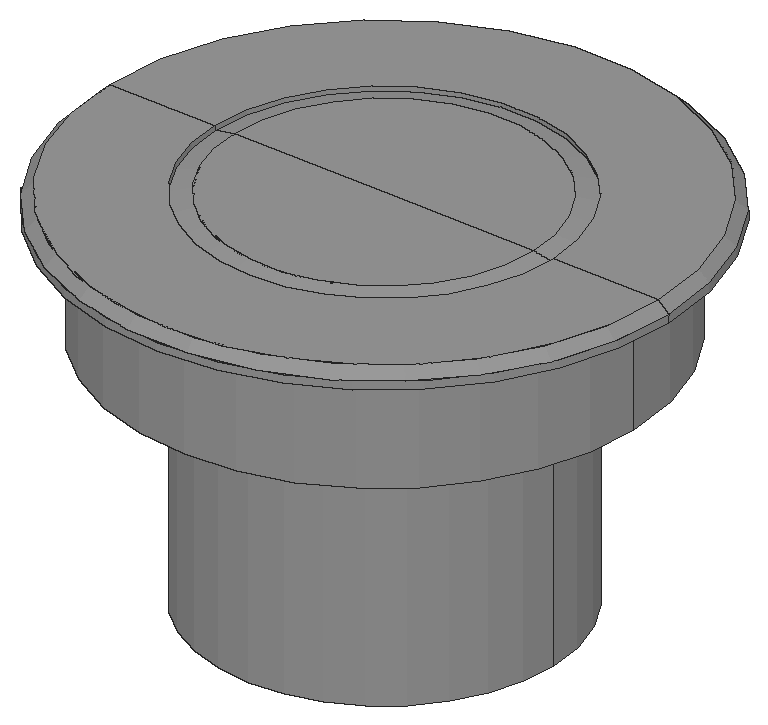
Revit family "4069947 Sylvania Lighting Fixture PATHE CEILING ROUND3 WIDE 119LM LED 4K", category Lighting Fixtures, host Face, Revit 2016
Family settings
  Host = Face
  Part Type = Normal
  Round Connector Dimension = Use Diameter
  OmniClass Number = 23.80.70.00
  OmniClass Title = Lighting
  Cut with Voids When Loaded = No
  Light Source = Yes
  Shared = No
  Room Calculation Point = No
Parameters (values of type "4069947 PATHE/C/R3 WIDE 119LM LED 4K")
  Weight = "1.0 kg"
  Wattage Comments = ""
  Wattage = 4.4 W
  WarrantyStartDate [instance] = "n/a"
  WarrantyGuarantorParts = "n/a"
  WarrantyDurationUnit = "n/a"
  WarrantyDurationParts = "n/a"
  WarrantyDescription = "n/a"
  built-in parameter 1150110 = 1 (stored number, unit not read)
  Voltage = 0 V
  URL = "http://www.sylvania-lighting.com"
  TypeName = "PATHE/CEILING/ROUND3 WIDE 119LM LED 4K"
  Type Image = <None>
  Type Comments = "n/a"
  built-in parameter 1114217 = 1 (stored number, unit not read)
  Tilt Angle = -90.00°
  built-in parameter 1150109 = 1 (stored number, unit not read)
  built-in parameter 1150134 = 12
  built-in parameter 1150113 = 1 (stored number, unit not read)
  SerialNumber [instance] = "n/a"
  Radius_SYL = 74 mm
  RadiusDiffuser_SYL = 44 mm
  Photometric Web File = "4069947.ies"
  Material_5_SYL = Steel AISI 1006 85 HR
  Material_3_SYL = Inside_Sylvania_Pathe_Black
  PowerFactor = 0
  PowerConsumption = "4.4 W"
  NominalLength = 148 mm
  NominalHeight = 110 mm
  NominalDepth = 0 mm
  Name = "PATHE/CEILING/ROUND3 WIDE 119LM LED 4K"
  ModelReference = Name  # "PATHE/CEILING/ROUND3 WIDE 119LM LED 4K"
  ModelNumber = "4069947"
  Model = Name  # "PATHE/CEILING/ROUND3 WIDE 119LM LED 4K"
  Material = "corrosion resistant die-cast aluminium body. aluminium fixing bracket. housing, tempered safety glass diffuser"
  ManufacturerName = "Feilo Sylvania"
  Manufacturer = "Feilo Sylvania"
  LuminousEfficacy = "27.04 lm/W"
  built-in parameter 1150105 = 9.4697 (stored number, unit not read)
  Lumens = 119 lm
  LuminaireType = ""
  built-in parameter 1150115 = 1 (stored number, unit not read)
  LightOutputRatio = "100"
  built-in parameter 1150137 = (empty or 0)
  built-in parameter 1150139 = (empty or 0)
  LampsType = Lamp  # "LED"
  LampNominalLuminous = "119 lm"
  LampMacAdamStep = "n/a"
  LampColourTemperature = "4000 K"
  LampColourRenderingIndex = "80"
  built-in parameter 1150112 = 1 (stored number, unit not read)
  built-in parameter 1150114 = 1 (stored number, unit not read)
  Lamp = "LED"
  Keynote = "16500"
  InstallationDate [instance] = "n/a"
  InputVoltage = "n/a"
  InputNominalFrequency = "n/a"
  built-in parameter 1150132 = (empty or 0)
  built-in parameter 1150102 = (empty or 0)
  built-in parameter 1150107 = 4000 (stored number, unit not read)
  built-in parameter 1150138 = (empty or 0)
  IngressProtection = "IP66"
  ImpactProtectionIndex = "IK10"
  built-in parameter 1150106 = 0.094697 (stored number, unit not read)
  IfcExportType = "IfcLightFixtureType"
  IfcExportAs = "IfcLightFixtureType"
  HieghtTop_SYL = 3 mm
  ExpectedLife = 50000
  Emit from Circle Diameter = RadiusDiffuser_SYL * 2  # 88 mm
  Emit Shape Visible in Rendering = no
  ElectricShockClassification = "Class I"
  built-in parameter 1150104 = 2.5126 (stored number, unit not read)
  DurationUnit = "hours"
  DocumentationLiterature = "http://www.sylvania-lighting.com/product/en-int/products/4069947"
  DimmingControlOptions = "n/a"
  Material_2_SYL = LED-Sylvania
  Dimming Lamp Color Temperature Shift = <None>
  Description = "Round recessed ceiling mounted luminaireCorrosion resistant anodized aluminium, 119lm, 4,4W, 27lm/W, 4000K, CRI80+, non dimmable, IP66, IK10, (ØxD) 135x92mm, 3 step MacAdam ellipse, 1.2kg, Class I, 220-240V, A++ A+ A"
  Default Elevation = 1219.2 mm
  CreatedOn = "9/21/2018"
  CreatedBy = "@sylvania-lighting.com"
  Cost = 0
  Color Filter = 16777215
  built-in parameter 1114216 [instance] = (empty or 0)
  ClassificationValue = "EF_70_80"
  ClassificationName = "Uniclass2015"
  Material_1_SYL = Aluminum 6061 T6 80 Hot Formed
  ChamferTop_SYL = 2.5 mm
  ChamferDiffuserTop_SYL = 5 mm
  ChamferDiffuserSide_SYL = 1 mm
  BarCode [instance] = "n/a"
  built-in parameter 1114218 = 1 (stored number, unit not read)
  built-in parameter 1150133 = 10 (stored number, unit not read)
  AssetType = "Fixed"
  AssetIdentifier [instance] = "n/a"
  Assembly Code = "D5020200"
  Apparent Load = 4.4 VA
  Material_4_SYL = Polycarbonate, Clear
Reference planes
  plane 1 "Center (Front/Back)": y = 0
  plane 2: z = 0
  plane 3 "Center (Left/Right)": x = 0
  plane 4: x = -74
  plane 5: x = -44
  plane 6: z = 3
  plane 7: x = -71.5
  plane 8: x = -39
  plane 9: z = 2
  plane 10: z = 0.5
  plane 11: x = -55.75
  plane 12: x = -25
  plane 13: z = -12
  plane 14: x = -27.5
  plane 15: z = -11
  plane 16: x = -24
  plane 17: z = -15
  plane 18: x = -69
  plane 19: z = -1.5
  plane 20: x = -67.5
  plane 21: z = -92
  plane 22: z = -29.5
  plane 23: x = -65
  plane 24: x = -45
Forms (mm)
  Revolve 1, solid, material "Aluminum 6061 T6 80 Hot Formed" <- "Material_1_SYL"
    sketch origin (0, 0, 0) x (1, 0, 0) y (0, 0, 1)
      loop
        line (-71.5, 3) -> (-74, 0.5) -> (-74, -1.5) -> (-65, -1.5) -> (-65, -29.5) -> (-44, -29.5) -> (-44, -92) -> (0, -92) -> (0, -12) -> (-25, -12) -> (-27.5, -15) -> (-55.75, -15) -> (-55.75, 0) -> (-44, 0) -> (-44, 3) -> (-71.5, 3)
      axis (0, 3) -> (0, -92)
    angle from 360 to 0
  Revolve 2, solid, material "Polycarbonate, Clear" <- "Material_4_SYL"
    sketch origin (0, 0, 0) x (1, 0, 0) y (0, 0, 1)
      loop
        line (-44, 2) -> (-44, 0) -> (0, 0) -> (0, 3) -> (-39, 3) -> (-44, 2)
      axis (0, 3) -> (0, 0)
    angle from 360 to 0
  Revolve 3, void
    sketch origin (0, 0, 0) x (1, 0, 0) y (0, 0, 1)
      loop
        line (0, -29.5) -> (0, 0) -> (-67.5, 0) -> (-67.5, -29.5) -> (0, -29.5)
      axis (0, 0) -> (0, -29.5)
    angle from 360 to 0
  Revolve 4, solid, material "LED-Sylvania" <- "Material_2_SYL"
    sketch origin (0, 0, 0) x (1, 0, 0) y (0, 0, 1)
      loop
        line (-25, -12) -> (0, -12) -> (0, -11) -> (-24, -11) -> (-25, -12)
      axis (0, -11) -> (0, -12)
    angle from 360 to 0
Cuts and joins
  Revolve 3 cuts Revolve 2
Lines and regions (mm)
  reference lines
    curve 1: line (0, 0, -12) -> (0, -11.75, -12)
Dimensions and locks
  "Radius_SYL": plane 3 "Center (Left/Right)" to plane 4
  "RadiusDiffuser_SYL": plane 3 "Center (Left/Right)" to plane 5
  "ChamferTop_SYL": plane 7 to plane 4
  "ChamferDiffuserSide_SYL": plane 6 to plane 9
  "ChamferDiffuserTop_SYL": plane 8 to plane 5
  "ChamferTop_SYL": plane 6 to plane 10
  "HieghtTop_SYL": plane 6 to plane 2
  locked: plane 11 to plane 4 at 18.25
  locked: plane 3 "Center (Left/Right)" to plane 12 at 25
  locked: plane 14 to plane 12 at 2.5
  locked: plane 12 to plane 16 at 1
  locked: plane 15 to plane 13 at 1
  locked: host face to plane 17 at 15
  locked: plane 13 to plane 17 at 3
  locked: plane 3 "Center (Left/Right)" to plane 18 at 69
  plane 2 to plane 19 = 1.5 mm
  locked: plane 3 "Center (Left/Right)" to plane 20 at 67.5
  locked: plane 2 to plane 21 at 92
  locked: plane 2 to plane 22 at 29.5
  locked: plane 3 "Center (Left/Right)" to plane 23 at 65
  locked: plane 3 "Center (Left/Right)" to plane 24 at 45
  aligned and locked: plane 2 to host face
  aligned and locked: level to host face
  aligned and locked: plane 6 to Revolve 1 sketch curve
  aligned and locked: Revolve 1 sketch curve to plane 3 "Center (Left/Right)"
  aligned and locked: level to Revolve 1 sketch curve
  aligned and locked: plane 5 to Revolve 1 sketch curve
  aligned and locked: plane 6 to Revolve 2 sketch curve
  aligned and locked: Revolve 2 sketch curve to plane 3 "Center (Left/Right)"  (x2)
  aligned and locked: Revolve 1 to Revolve 2 sketch curve
  aligned and locked: plane 8 to Revolve 2 sketch curve
  aligned and locked: plane 5 to Revolve 2 sketch curve
  aligned and locked: plane 9 to Revolve 2 sketch curve
  aligned and locked: imposter light to plane 6
  aligned and locked: imposter light to plane 1 "Center (Front/Back)"
  aligned and locked: plane 3 "Center (Left/Right)" to imposter light
  aligned and locked: plane 7 to Revolve 1 sketch curve
  aligned and locked: Revolve 3 sketch curve to plane 3 "Center (Left/Right)"  (x2)
  aligned and locked: Revolve 3 sketch curve to Revolve 1
  aligned and locked: Revolve 3 sketch curve to level
  aligned and locked: plane 11 to Revolve 1 sketch curve
  aligned and locked: Revolve 1 sketch curve to Revolve 1 sketch curve
  aligned and locked: plane 13 to Revolve 1 sketch curve
  aligned and locked: plane 14 to Revolve 1 sketch curve
  aligned and locked: plane 12 to Revolve 1 sketch curve
  aligned and locked: plane 3 "Center (Left/Right)" to curve 1
  aligned and locked: Revolve 1 to Revolve 4 sketch curve
  aligned and locked: plane 16 to Revolve 4 sketch curve
  aligned and locked: Revolve 4 sketch curve to Revolve 1
  aligned and locked: plane 15 to Revolve 4 sketch curve
  aligned and locked: Revolve 4 sketch curve to plane 3 "Center (Left/Right)"  (x2)
  aligned and locked: Revolve 1 sketch curve to plane 4
  aligned and locked: plane 19 to Revolve 1 sketch curve
  aligned and locked: plane 20 to Revolve 3 sketch curve
  aligned and locked: plane 22 to Revolve 1 sketch curve
  aligned and locked: Revolve 1 sketch curve to plane 5
  aligned and locked: plane 21 to Revolve 1 sketch curve
Automatic sketch dimensions
  host sketch curve to host sketch curve = 2438.4 mm  (x2)
  Revolve 2 sketch curve to Revolve 2 sketch curve = 2607.058 mm
  Revolve 4 sketch curve to plane 6 = 2606.858 mm
  plane 1 "Center (Front/Back)" to curve 1 = 0 mm
  curve 1 to curve 1 = 11.75 mm
  Revolve 3 sketch curve to plane 6 = 2607.058 mm
  plane 21 to Revolve 2 sketch curve = 517.6 mm
  plane 21 to Revolve 3 sketch curve = 517.6 mm
  plane 21 to Revolve 4 sketch curve = 517.6 mm
  Revolve 1 sketch curve to plane 23 = 0 mm
  Revolve 1 sketch curve to plane 17 = 0 mm
  Revolve 1 sketch curve to plane 10 = 0 mm
  plane 21 to Revolve 1 sketch curve = 517.6 mm
  Revolve 1 sketch curve to plane 6 = 2607.058 mm
Connectors
  electrical at (0, 0, 0), driven by "Apparent Load", driven by "PowerFactor", driven by "Voltage"
    settings: index 1, voltage 0 V, apparent load 4.4 VA, apparent load phase1 0 VA, apparent load phase2 0 VA, apparent load phase3 0 VA, power factor 0, load classification "Lighting", number of poles 1, system type 30, power factor state 1, is connector primary yes, connector utility no, sub classification motor no, connector description ""
